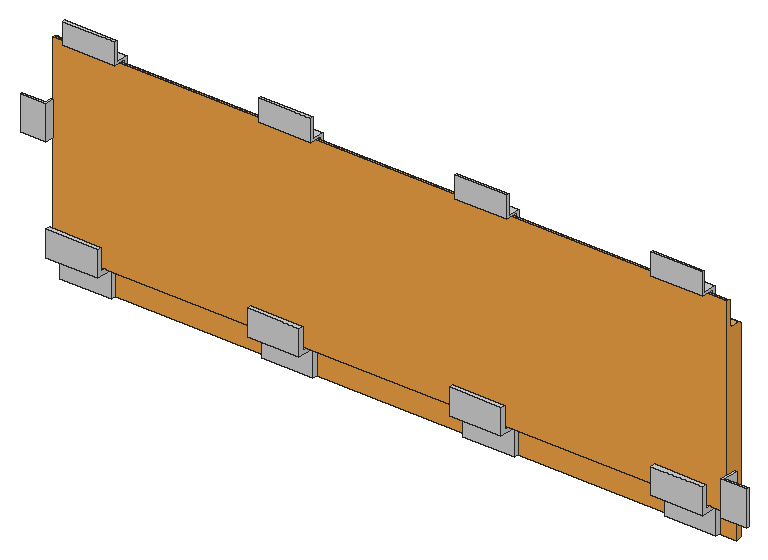
Revit family "Wall-Panel_Terra-Cotta-Rainscreen", category Curtain Panels, Revit 2026
Family settings
  Classification Number = 23.35.06.21
  Always vertical = Yes
  Cut with Voids When Loaded = No
  Shared = No
Parameters (values of type "ByType")
  Warranty Duration (Years) = 10
  Top Clips [instance] = yes
  Tongue Length = Groove Depth - 0' 0 1/4"  # 0' - 1 1/2"
  Test Data = ""
  Specification = "http://www.arcat.com/divs/sec/sec07410.shtml"
  Side Clips [instance] = yes
  Sales Information = ""
  Recyclable = "No"
  Product Properties = "http://www.arcat.com/bim/bim_info.pl?fn=Wall-Panel_Terra-Cotta-Rainscreen"
  Product Data = "http://www.arcat.com/divs/sec/sec07410.shtml"
  Panel Thickness = 0' - 1"
  Panel Gap = 0' - 0 3/4"
  Offset = Panel Gap / 2  # 0' - 0 3/8"
  Nose = Panel Thickness / 4  # 0' - 0 1/4"
  Model = "\"Generic\""
  Manufacturer Website = "http://www.arcat.com/"
  Manufacturer Phone - Toll Free = ""
  Manufacturer Phone = "(203) 929-9444"  # constant formula
  Manufacturer Fax = "(203) 929-2444"  # constant formula
  Manufacturer Email = "bim@arcat.com"  # constant formula
  Manufacturer Address = "1077 Bridgeport Ave, Shelton, CT  06484"  # constant formula
  Manufacturer = "\"Generic\""
  Maintenance Schedule (Months) = 24
  Keynote = "07410"
  Installation-Fabrication = ""
  Installation Phase = ""
  Hardware Material = ARCAT - Metal - Aluminum - B209_5005_H-14 - Anodized
  Groove Depth = 0' - 1 3/4"
  Green Building-LEED = "http://www.arcat.com/green/green_building.shtml"
  Expected Lifespan (Years) = 30
  Drawn By = "\"Robert S. Weygant. CSI, CDT, SCIP\""
  Description = "Metal Rainscreen Panel"
  Copyright = "\"2008, ARCAT, Inc.\""
  Construction Details = "http://www.arcat.com/divs/sec/sec07410.shtml"
  Company_ID = 30568
  Clips-Panel = 4
  Clip Offset = 0' - 1"
  Clip Thickness = 0' - 0 1/4"
  Cladding Material-Finish [instance] = ARCAT - Terra-Cotta - Natural
  Building Codes = ""
  Assembly Code = "B20"
Reference planes (in)
  plane 1 "Front": y = 0
  plane 2: z = 5.28338
  plane 3 "Center (Left/Right)": x = -5.3931
  plane 4 "Left": x = -25.36195
  plane 5 "Right": x = 14.57576
  plane 6 "Top": z = 16.96795
  plane 7: y = -1
  plane 8: z = 16.59295
  plane 9: z = 4.90838
  plane 10: y = -1.5
  plane 11: x = 14.20076
  plane 12: x = -24.98695
  plane 13: x = 13.20076
  plane 14: x = -23.98695
Forms (in)
  Extrusion 1, solid, material "ARCAT - Terra-Cotta - Natural" <- "Cladding Material-Finish"
    sketch origin (-33.24894, 0, 0) x (0, -1, 0) y (0, 0, 1)
      loop
        arc (0, 5.40838) -> (0.03661, 5.31999) -> (0.125, 5.28338) r 0.125
        line (0.125, 5.28338) -> (0.25, 5.28338) -> (0.25, 7.53338) -> (0.5, 7.53338) -> (0.5, 7.03338) -> (1, 7.03338) -> (1, 18.09295) -> (0.875, 18.09295)
        arc (0.875, 18.09295) -> (0.78661, 18.05634) -> (0.75, 17.96795) r 0.125
        line (0.75, 17.96795) -> (0.75, 16.71795)
        arc (0.75, 16.71795) -> (0.71339, 16.62956) -> (0.625, 16.59295) r 0.125
        line (0.625, 16.59295) -> (0.125, 16.59295)
        arc (0.125, 16.59295) -> (0.03661, 16.55634) -> (0, 16.46795) r 0.125
        line (0, 16.46795) -> (0, 5.40838)
    from -8.26199 to -47.4497
  Extrusion 2, solid, material "ARCAT - Metal - Aluminum - B209_5005_H-14 - Anodized" <- "Hardware Material"
    sketch origin (14.57576, 0, -15.25501) x (0, -1, 0) y (0, 0, 1)
      loop
        line (0.5, 22.28839) -> (0.5, 22.78839) -> (0.25, 22.78839) -> (0.25, 20.53839) -> (0.5, 20.53839) -> (0.5, 22.03839) -> (1.5, 22.03839) -> (1.5, 23.53839) -> (1.25, 23.53839) -> (1.25, 22.28839) -> (0.5, 22.28839)
    from 1.375 to 4.375
  Extrusion 3, solid, material "ARCAT - Metal - Aluminum - B209_5005_H-14 - Anodized" <- "Hardware Material"
    sketch origin (-20.61195, 0, -15.25501) x (0, -1, 0) y (0, 0, 1)
      loop
        line (0.5, 22.28839) -> (0.5, 22.78839) -> (0.25, 22.78839) -> (0.25, 20.53839) -> (0.5, 20.53839) -> (0.5, 22.03839) -> (1.5, 22.03839) -> (1.5, 23.53839) -> (1.25, 23.53839) -> (1.25, 22.28839) -> (0.5, 22.28839)
    from 1.375 to 4.375
  Extrusion 4, solid, material "ARCAT - Metal - Aluminum - B209_5005_H-14 - Anodized" <- "Hardware Material"
    sketch origin (2.84652, 0, -15.25501) x (0, -1, 0) y (0, 0, 1)
      loop
        line (0.5, 22.28839) -> (0.5, 22.78839) -> (0.25, 22.78839) -> (0.25, 20.53839) -> (0.5, 20.53839) -> (0.5, 22.03839) -> (1.5, 22.03839) -> (1.5, 23.53839) -> (1.25, 23.53839) -> (1.25, 22.28839) -> (0.5, 22.28839)
    from 1.375 to 4.375
  Extrusion 5, solid, material "ARCAT - Metal - Aluminum - B209_5005_H-14 - Anodized" <- "Hardware Material"
    sketch origin (-8.88271, 0, -15.25501) x (0, -1, 0) y (0, 0, 1)
      loop
        line (0.5, 22.28839) -> (0.5, 22.78839) -> (0.25, 22.78839) -> (0.25, 20.53839) -> (0.5, 20.53839) -> (0.5, 22.03839) -> (1.5, 22.03839) -> (1.5, 23.53839) -> (1.25, 23.53839) -> (1.25, 22.28839) -> (0.5, 22.28839)
    from 1.375 to 4.375
  Extrusion 6, solid, material "ARCAT - Metal - Aluminum - B209_5005_H-14 - Anodized" <- "Hardware Material", visible <- "Top Clips"
    sketch origin (-5.3931, 0, 0.21795) x (0, 1, 0) y (0, 0, 1)
      loop
        line (-0.75, 16.75) -> (-0.625, 16.75) -> (-0.625, 18.125) -> (-1.375, 18.125) -> (-1.375, 19.25) -> (-1.5, 19.25) -> (-1.5, 18) -> (-0.75, 18) -> (-0.75, 16.75)
    from 15.59386 to 18.59386
  Extrusion 7, solid, material "ARCAT - Metal - Aluminum - B209_5005_H-14 - Anodized" <- "Hardware Material", visible <- "Top Clips"
    sketch origin (-39.58081, 0, 0.21795) x (0, 1, 0) y (0, 0, 1)
      loop
        line (-0.75, 16.75) -> (-0.625, 16.75) -> (-0.625, 18.125) -> (-1.375, 18.125) -> (-1.375, 19.25) -> (-1.5, 19.25) -> (-1.5, 18) -> (-0.75, 18) -> (-0.75, 16.75)
    from 15.59386 to 18.59386
  Extrusion 8, solid, material "ARCAT - Metal - Aluminum - B209_5005_H-14 - Anodized" <- "Hardware Material", visible <- "Top Clips"
    sketch origin (-16.789, 0, 0.21795) x (0, 1, 0) y (0, 0, 1)
      loop
        line (-0.75, 16.75) -> (-0.625, 16.75) -> (-0.625, 18.125) -> (-1.375, 18.125) -> (-1.375, 19.25) -> (-1.5, 19.25) -> (-1.5, 18) -> (-0.75, 18) -> (-0.75, 16.75)
    from 15.59386 to 18.59386
  Extrusion 9, solid, material "ARCAT - Metal - Aluminum - B209_5005_H-14 - Anodized" <- "Hardware Material", visible <- "Top Clips"
    sketch origin (-28.18491, 0, 0.21795) x (0, 1, 0) y (0, 0, 1)
      loop
        line (-0.75, 16.75) -> (-0.625, 16.75) -> (-0.625, 18.125) -> (-1.375, 18.125) -> (-1.375, 19.25) -> (-1.5, 19.25) -> (-1.5, 18) -> (-0.75, 18) -> (-0.75, 16.75)
    from 15.59386 to 18.59386
  Extrusion 10, solid, material "ARCAT - Metal - Aluminum - B209_5005_H-14 - Anodized" <- "Hardware Material", visible <- "Side Clips"
    sketch origin (0, 0, 0) x (1, 0, 0) y (0, 1, 0)
      loop
        line (-24.98695, -0.5) -> (-25.11195, -0.5) -> (-25.11195, -1.375) -> (-26.48695, -1.375) -> (-26.48695, -1.5) -> (-24.98695, -1.5) -> (-24.98695, -0.5)
    from 12.8231 to 14.8239
  Extrusion 11, solid, material "ARCAT - Metal - Aluminum - B209_5005_H-14 - Anodized" <- "Hardware Material", visible <- "Side Clips"
    sketch origin (-10.72391, 0, 0) x (-1, 0, 0) y (0, -1, 0)
      loop
        line (-24.98695, 0.5) -> (-24.98695, 1.5) -> (-26.48695, 1.5) -> (-26.48695, 1.375) -> (-25.11195, 1.375) -> (-25.11195, 0.5) -> (-24.98695, 0.5)
    from 7.03812 to 9.05324
Text (in)
  text "Exterior" at (-54.29358, 31.38743, 0), in view "A-101 - Plan View"
  text "Exterior" at (480, 41.53993, 89.60405), in view "A-202 - Side Elevation"
  text "Exterior" at (-240, 57.82419, 105.78864), in view "Right"
Dimensions and locks (in)
  equal spacing: plane 4 "Left", plane 3 "Center (Left/Right)", plane 5 "Right"
  plane 7 to plane 1 "Front" = 0' - 1"
  "Offset": plane 2 to plane 9
  "Offset": plane 6 "Top" to plane 8
  "Offset": plane 11 to plane 5 "Right"
  Extrusion 1 to Extrusion 1 = 0' - 0 1/4"
  locked: Extrusion 1 to Extrusion 1 at 0.25
  "Clip Offset": plane 13 to plane 11
  "Tongue Length": Extrusion 1 sketch curve to Extrusion 1 sketch curve
  "Groove Depth": Extrusion 1 sketch curve to Extrusion 1 sketch curve
  "Offset": plane 4 "Left" to plane 12
  "Clip Offset": plane 12 to plane 14
  locked: Extrusion 1 sketch curve to Extrusion 1 sketch curve at 0.5
  "Clip Thickness": Extrusion 2 sketch curve to Extrusion 2 sketch curve  (x3)
  locked: Extrusion 2 to Extrusion 2 at 3
  "Clip Thickness": Extrusion 3 sketch curve to Extrusion 3 sketch curve  (x3)
  locked: Extrusion 3 to Extrusion 3 at 3
  "Clip Thickness": Extrusion 4 sketch curve to Extrusion 4 sketch curve  (x3)
  locked: Extrusion 4 to Extrusion 4 at 3
  "Clip Thickness": Extrusion 5 sketch curve to Extrusion 5 sketch curve  (x3)
  locked: Extrusion 5 to Extrusion 5 at 3
  locked: Extrusion 6 sketch curve to Extrusion 6 sketch curve at 0.125  (x3)
  locked: Extrusion 6 sketch curve to Extrusion 6 sketch curve at 1.25
  locked: Extrusion 6 to Extrusion 6 at 3
  Extrusion 6 sketch curve to Extrusion 2 = 0' - 9.93457"
  locked: Extrusion 6 sketch curve to Extrusion 6 sketch curve at 1.375
  locked: Extrusion 7 sketch curve to Extrusion 7 sketch curve at 0.125  (x3)
  locked: Extrusion 7 sketch curve to Extrusion 7 sketch curve at 1.25
  locked: Extrusion 7 to Extrusion 7 at 3
  locked: Extrusion 7 sketch curve to Extrusion 7 sketch curve at 1.375
  equal spacing: group 5, group 7, group 6, group 4
  equal spacing: group 4, group 6, group 7, group 5  (x2)
  locked: Extrusion 8 sketch curve to Extrusion 8 sketch curve at 0.125  (x3)
  locked: Extrusion 8 sketch curve to Extrusion 8 sketch curve at 1.25
  locked: Extrusion 8 to Extrusion 8 at 3
  locked: Extrusion 8 sketch curve to Extrusion 8 sketch curve at 1.375
  locked: Extrusion 9 sketch curve to Extrusion 9 sketch curve at 0.125  (x3)
  locked: Extrusion 9 sketch curve to Extrusion 9 sketch curve at 1.25
  locked: Extrusion 9 to Extrusion 9 at 3
  locked: Extrusion 9 sketch curve to Extrusion 9 sketch curve at 1.375
  equal spacing: plane 7, Extrusion 10 sketch curve, plane 1 "Front"
  locked: Extrusion 10 sketch curve to Extrusion 10 sketch curve at 0.125  (x2)
  locked: Extrusion 10 sketch curve to Extrusion 10 sketch curve at 1.5
  locked: Extrusion 10 to Extrusion 10 at 2.0008
  locked: Extrusion 11 sketch curve to Extrusion 11 sketch curve at 0.125  (x2)
  locked: Extrusion 11 sketch curve to Extrusion 11 sketch curve at 1.5
  locked: Extrusion 11 to Extrusion 11 at 2.01512
  equal spacing: plane 2, Extrusion 11, Extrusion 10, plane 8
  "Panel Thickness": plane 7 to plane 1 "Front"
  locked: Extrusion 4 sketch curve to Extrusion 4 sketch curve at 1.25
  locked: Extrusion 3 sketch curve to Extrusion 3 sketch curve at 1.25
  locked: Extrusion 5 sketch curve to Extrusion 5 sketch curve at 1.25
  locked: Extrusion 2 sketch curve to Extrusion 2 sketch curve at 1.25
  aligned and locked: Extrusion 2 sketch curve to Extrusion 2 sketch curve
  aligned and locked: Extrusion 2 to plane 2  (x3)
  aligned and locked: plane 13 to Extrusion 2
  aligned and locked: Extrusion 3 sketch curve to Extrusion 3 sketch curve
  aligned and locked: Extrusion 3 to plane 12
  aligned and locked: Extrusion 3 to plane 2
  aligned and locked: Extrusion 4 sketch curve to Extrusion 4 sketch curve
  aligned and locked: plane 10 to Extrusion 2
  aligned and locked: Extrusion 5 sketch curve to Extrusion 5 sketch curve
  aligned and locked: plane 13 to Extrusion 6
  aligned and locked: plane 6 "Top" to Extrusion 6
  aligned and locked: Extrusion 7 to plane 14
  aligned and locked: plane 6 "Top" to Extrusion 7
  aligned and locked: Extrusion 10 sketch curve to plane 10
  aligned and locked: Extrusion 11 to Extrusion 10
Automatic sketch dimensions
  Extrusion 3 sketch curve to Extrusion 3 sketch curve = 0' - 0 1/2"
  Extrusion 3 sketch curve to Extrusion 3 sketch curve = 0' - 1 1/4"
  Extrusion 3 sketch curve to Extrusion 3 sketch curve = 0' - 1 1/2"
  Extrusion 4 sketch curve to Extrusion 4 sketch curve = 0' - 0 1/2"
  Extrusion 4 sketch curve to Extrusion 4 sketch curve = 0' - 1 1/4"
  Extrusion 4 sketch curve to Extrusion 4 sketch curve = 0' - 1 1/2"
  Extrusion 5 sketch curve to Extrusion 5 sketch curve = 0' - 0 1/2"
  Extrusion 5 sketch curve to Extrusion 5 sketch curve = 0' - 1 1/4"
  Extrusion 5 sketch curve to Extrusion 5 sketch curve = 0' - 1 1/2"
  Extrusion 6 sketch curve to Extrusion 6 sketch curve = 0' - 0.63738"
  Extrusion 6 sketch curve to Extrusion 6 sketch curve = 0' - 1 1/4"
  Extrusion 6 sketch curve to Extrusion 6 sketch curve = 0' - 0 1/8"  (x3)
  Extrusion 6 sketch curve to Extrusion 6 sketch curve = 0' - 1 1/8"
  Extrusion 6 sketch curve to Extrusion 6 sketch curve = 0' - 0 5/8"
  Extrusion 7 sketch curve to Extrusion 7 sketch curve = 0' - 0 1/8"  (x3)
  Extrusion 7 sketch curve to Extrusion 7 sketch curve = 0' - 1 1/8"
  Extrusion 7 sketch curve to Extrusion 7 sketch curve = 0' - 0 5/8"
  Extrusion 8 sketch curve to Extrusion 8 sketch curve = 0' - 0 1/8"  (x3)
  Extrusion 8 sketch curve to Extrusion 8 sketch curve = 0' - 1 1/8"
  Extrusion 8 sketch curve to Extrusion 8 sketch curve = 0' - 0 5/8"
  Extrusion 9 sketch curve to Extrusion 9 sketch curve = 0' - 0 1/8"  (x3)
  Extrusion 9 sketch curve to Extrusion 9 sketch curve = 0' - 1 1/8"
  Extrusion 9 sketch curve to Extrusion 9 sketch curve = 0' - 0 5/8"
  Extrusion 1 sketch curve to plane 1 "Front" = 0' - 0"
  Extrusion 1 sketch curve to plane 8 = 0' - 0"
  Extrusion 1 sketch curve to plane 2 = 0' - 0"
  Extrusion 1 sketch curve to plane 7 = 0' - 0"
  plane 1 "Front" to Extrusion 1 sketch curve = 0' - 0 1/8"  (x2)
  plane 7 to Extrusion 1 sketch curve = 0' - 0 3/8"
  plane 8 to Extrusion 1 sketch curve = 0' - 0 1/8"
  Extrusion 1 sketch curve to Extrusion 1 sketch curve = 0' - 0 1/8"
  Extrusion 2 sketch curve to plane 2 = 0' - 0"
  Extrusion 2 sketch curve to plane 10 = 0' - 0"
  plane 2 to Extrusion 2 sketch curve = 0' - 1 1/2"
  Extrusion 2 sketch curve to Extrusion 2 sketch curve = 0' - 0 1/2"
  Extrusion 2 sketch curve to Extrusion 2 sketch curve = 0' - 0 3/4"
  Extrusion 10 sketch curve to plane 12 = 0' - 0"
  Extrusion 11 sketch curve to plane 10 = 0' - 0"
  plane 11 to Extrusion 11 sketch curve = 0' - 0.06229"
  Extrusion 11 sketch curve to plane 1 "Front" = 0' - 0 1/2"
  Extrusion 1 sketch curve to Extrusion 1 sketch curve = 0' - 0 1/4"
  plane 7 to Extrusion 1 sketch curve = 0' - 0 3/4"
